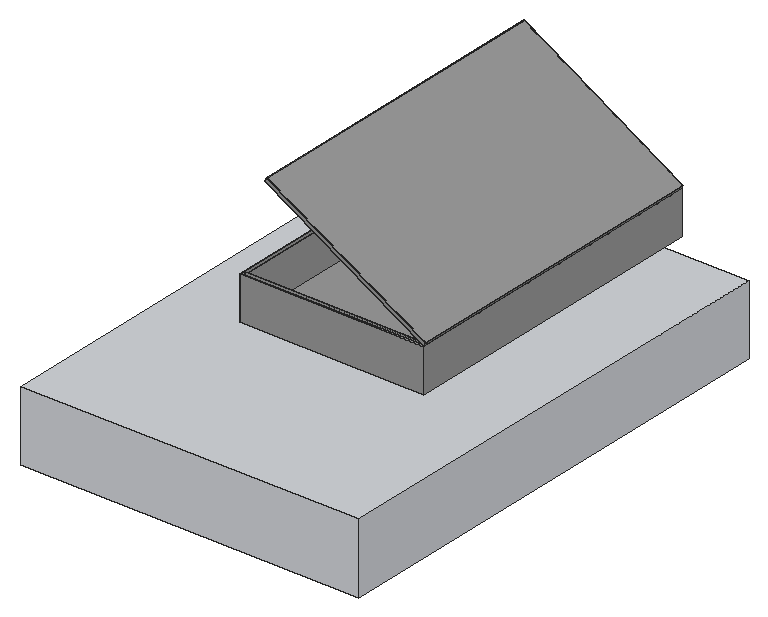
Revit family "Hager-Univers-IP44-D205-H1400-Cl.II-Encl-CH-it", category Equipement électrique, Revit 2020
Family settings
  Hôte = Face
  Configuration du panneau = Deux colonnes, circuits au sein
  Cote de connecteur circulaire = Utiliser le diamètre
  Type d'élément = Tableau de raccordement
  Couper avec des vides une fois chargée = Non
  Partagée = Non
  Point de calcul de pièce = Non
Parameters (values of type "A parete IP44 L800 A1400 P205  - FP93QS")
  Width Control [instance] = if([EF000008 - Larghezza] > Min Width, [EF000008 - Larghezza], Min Width)  # 800 mm
  Commentaires du type = [HG000003 - Gamma]  # "Univers"
  Thickness Door [instance] = if([EF009171 - spessore materiale porta/coperchio] > 3 mm, 3 mm, [EF009171 - spessore materiale porta/coperchio])  # 1 mm
  Seal Frame Offset [instance] = 17 mm  # constant formula
  Plinth Visibility [instance] = [HG000027 - Altezza dello zoccolo] > 0 mm  # no
  Model = ""
  Min Width [instance] = 100 mm  # constant formula
  Min Height [instance] = 100 mm  # constant formula
  Min Depth [instance] = (2 * [EF009170 - spessore materiale scatola]) + 1 mm  # 3 mm
  Internal Frame Depth [instance] = (Door System Depth * 0.5)  # 9 mm
  Height Control [instance] = if([EF000040 - Altezza] > Min Height, [EF000040 - Altezza], Min Height)  # 1400 mm
  HG000027 - Altezza dello zoccolo = 0 mm
  HG000026 - A pavimento = no
  HG000024 - Altezza della sezione inferiore = 800 mm
  HG000023 - Custodia a doppia sezione = no
  HG000016 - Visibilità delle porte nella vista 3D [instance] = yes
  HG000015 - Visibilità attraverso la porta [instance] = no
  HG000014 - Porta destra [instance] = yes
  HG000013 - Porta sinistra [instance] = not([HG000014 - Porta destra])  # no
  HG000012 - Angolo di apertura della porta [instance] = 30.00°
  HG000010 - Porte asimmetriche = no
  HG000009 - Porta doppia a battente = no
  HG000006 - Ad incasso = no
  HG000004 - Codice produttore = "FP93QS"
  HG000003 - Gamma = "Univers"
  HG000002 - Con porta = yes
  Frame Offset Bottom [instance] = 10 mm  # constant formula
  Frame Offset [instance] = 15 mm  # constant formula
  EF015940 - Coprire con rilascio di sovrapressione = no
  EF011959 - tipo di protezione (NEMA) = ""
  EF009554 - numero delle aperture per la piastra della flangia = 6
  Fabricant = "Hager"  # constant formula
  EF009212 - esecuzione coperchio = "EV000116 - chiuso"
  EF009171 - spessore materiale porta/coperchio = 1 mm
  EF009170 - spessore materiale scatola = 1 mm
  EF008873 - corrente nominale (In) = 250 A
  EF007800 - adatto per parafulmine = no
  EF006306 - con serratura = no
  EF006244 - coperchio/porta trasparente = no
  EF005474 - grado di protezione (IP) = "EV006418 - IP44"
  EF004464 - tipo di porta = "EV002646 - singolo"
  EF004427 - numero di moduli = 324
  EF004293 - resistenza agli urti = "EV006815 - IK09"
  EF003532 - adatto per uso esterno = no
  EF002950 - Numero moduli DIN = 36
  EF001613 - Integrità del circuito = "EV000494 - senza"
  EF001596 - Attacco Lampada = "EV000179 - acciaio"
  EF001131 - profondità interna = 143 mm
  EF001088 - possibilità di applicazione = yes
  EF000437 - numero di ingressi per conduttori = 6
  EF000339 - tipo di copertura = "EV001012 - coperchio"
  EF000266 - numero di file = 9
  EF000218 - profondità di incasso = 0 mm
  EF000118 - con piastra di montaggio = no
  EF000116 - numero RAL = "9010"
  EF000049 - profondità = 205 mm
  EF000040 - Altezza = 1400 mm
  EF000008 - Larghezza = 800 mm
  EF000007 - colore = "EV000202 - bianco"
  EF000003 - Tipo di montaggio = "EV000384 - A parete"
  Door System Leaf Tolerance [instance] = 1.5 mm  # constant formula
  Door System Depth [instance] = 18 mm  # constant formula
  Door Height [instance] = Height Control - [HG000027 - Altezza dello zoccolo]  # 1400 mm
  Depth Control [instance] = if([EF000049 - profondità] > Min Depth, [EF000049 - profondità], Min Depth)  # 205 mm
  Default Elevation = 0 mm
  Connector Offset [instance] = Height Control / 2  # 700 mm
  Bottom Top Plate Trim [instance] = 1.5 mm  # constant formula
  Plinth height Ctrl [instance] = if([HG000027 - Altezza dello zoccolo] > 0 mm, [HG000027 - Altezza dello zoccolo], 12 mm)  # 12 mm
Types (5, lengths in mm): name | Width Control | HG000009 - Porta doppia a battente | HG000004 - Codice produttore | EF009554 - numero delle aperture per la piastra della flangia | EF004464 - tipo di porta | EF004427 - numero di moduli | EF002950 - Numero moduli DIN | EF000437 - numero di ingressi per conduttori | EF000008 - Larghezza
  A parete IP44 L1050 A1400 P205  - FP94QS | 1050 | yes | "FP94QS" | 8 | "EV003602 - doppio" | 432 | 48 | 8 | 1050
  A parete IP44 L1300 A1400 P205  - FP95QS | 1300 | yes | "FP95QS" | 10 | "EV003602 - doppio" | 540 | 60 | 10 | 1300
  A parete IP44 L300 A1400 P205  - FP91QS | 300 | no | "FP91QS" | 2 | "EV002646 - singolo" | 108 | 12 | 2 | 300
  A parete IP44 L550 A1400 P205  - FP92QS | 550 | no | "FP92QS" | 4 | "EV002646 - singolo" | 216 | 24 | 4 | 550
  A parete IP44 L800 A1400 P205  - FP93QS | 800 | no | "FP93QS" | 6 | "EV002646 - singolo" | 324 | 36 | 6 | 800
Reference planes
  plane 1 "Center (Front/Back)": y = 0
  plane 2: z = 0
  plane 3 "Center (Left/Right)": x = 0
  plane 4: z = 205
  plane 5: y = 1
  plane 6: y = 700
  plane 7: y = 0
  plane 8: y = 1400
  plane 9: z = 0
  plane 10: x = -385
  plane 11: x = 385
  plane 12: x = 384
  plane 13: x = -384
  plane 14: y = 1399
  plane 15: x = -383
  plane 16: x = -400
  plane 17: x = 383
  plane 18: x = 400
  plane 19: x = 399
  plane 20: x = -399
  plane 21: y = 11
  plane 22: y = 1400
  plane 23: y = 1384
  plane 24: z = 187
  plane 25: z = 1
  plane 26: z = 186
  plane 27: z = 204
Forms (mm)
  Extrusion 1, solid
    sketch origin (0, 0, 0) x (1, 0, 0) y (0, 1, 0)
      loop
        line (-702.964, 1305) -> (-702.964, -811.445) -> (766.763, -811.445) -> (766.763, 1305) -> (-702.964, 1305)
    from 0 to -304.8
  Extrusion 2, solid, material "Hager_Steel_RAL7035_Light_Grey", visible <- "Plinth Visibility", detail levels medium+fine
    sketch origin (0, 0, 0) x (1, 0, 0) y (0, 1, 0)
      loop
        line (-400, 0) -> (400, 0) -> (400, 12) -> (-400, 12) -> (-400, 0)
    from 0 to 187
  Extrusion 3, solid, material "Hager_Steel_RAL7035_Light_Grey", detail levels medium+fine
    sketch origin (0, 0, 0) x (1, 0, 0) y (0, 1, 0)
      loop
        line (-400, 0) -> (400, 0) -> (400, 1400) -> (-400, 1400) -> (-400, 0)
    from 0 to 187
  Extrusion 4, void
    sketch origin (0, 0, 0) x (1, 0, 0) y (0, 1, 0)
      loop
        line (-399, 1) -> (399, 1) -> (399, 1399) -> (-399, 1399) -> (-399, 1)
    from 1 to 186
  Extrusion 5, void
    sketch origin (-381.607, -4572, 187) x (0, -1, 0) y (-1, 0, 0)
      loop
        line (-4583, 2.393) -> (-5956, 2.393) -> (-5956, -765.607) -> (-4583, -765.607) -> (-4583, 2.393)
    from 0 to 1 <- "EF009170 - spessore materiale scatola"
  Extrusion 6, solid, material "Hager_Steel_RAL7035_Light_Grey", detail levels fine
    sketch origin (0, 0, 187) x (1, 0, 0) y (0, 1, 0)
      loop
        line (-384, 1384) -> (-384, 11) -> (384, 11) -> (384, 1384) -> (-384, 1384)
      loop
        line (-385, 10) -> (385, 10) -> (385, 1385) -> (-385, 1385) -> (-385, 10)
    from 0 to 9 <- "Internal Frame Depth"
  Extrusion 7, solid, material "Hager_Steel_RAL7035_Light_Grey", detail levels coarse
    sketch origin (0, 0, 0) x (1, 0, 0) y (0, 1, 0)
      loop
        line (-400, 0) -> (400, 0) -> (400, 1400) -> (-400, 1400) -> (-400, 0)
    from 0 to 205
  Sweep 8, void
    path in 3D
      loop
        line (-400, 12, 0) -> (400, 12, 0) -> (400, 12, 187) -> (-400, 12, 187) -> (-400, 12, 0)
    profile origin (-400, 12, 93.5) x (-1, 0, 0) y (0, -1, 0)
      loop
        line (0, 0) -> (0, 1.5) -> (-1.5, 1.5)
        arc (-1.5, 1.5) -> (-1.061, 0.439) -> (0, 0) r 1.5
Cuts and joins
  Extrusion 4, Extrusion 5 cuts Extrusion 3
  Sweep 8 cuts Extrusion 2
Lines and regions (mm)
  Masking region 1
    outline origin (0, 0, 0) x (1, 0, 0) y (0, 0, 1)
      loop
        line (-400, 205) -> (-400, 0) -> (400, 0) -> (400, 205) -> (-400, 205)
  Masking region 2, detail levels medium+fine
    outline origin (0, 140, 0) x (0, 1, 0) y (0, 0, 1)
      loop
        line (-140, 0) -> (1260, 0) -> (1260, 187) -> (-140, 187) -> (-140, 0)
  Masking region 3, not visible, detail levels medium+fine
    outline origin (0, 297.922, 0) x (0, 1, 0) y (0, 0, 1)
      loop
        line (413.578, 0) -> (453.578, 0) -> (453.578, 194)
        arc (453.578, 194) -> (450.649, 201.071) -> (443.578, 204) r 10
        line (443.578, 204) -> (413.578, 204) -> (413.578, 0)
  Masking region 4, detail levels coarse
    outline origin (0, 0, 180) x (0, 1, 0) y (0, 0, 1)
      loop
        line (0, -180) -> (1400, -180) -> (1400, 25) -> (0, 25) -> (0, -180)
  Masking region 5, visible <- "Plinth Visibility", detail levels medium+fine
    outline origin (0, 52.24, 12.345) x (0, 0, -1) y (0, 1, 0)
      loop
        line (10.845, -40.24) -> (-173.155, -40.24)
        arc (-173.155, -40.24) -> (-173.594, -41.301) -> (-174.655, -41.74) r 1.5
        line (-174.655, -41.74) -> (-174.655, -52.24) -> (12.345, -52.24) -> (12.345, -41.74)
        arc (12.345, -41.74) -> (11.285, -41.301) -> (10.845, -40.24) r 1.5
  Masking region 6, detail levels medium+fine
    outline origin (-381.607, -4572, 187) x (-1, 0, 0) y (0, -1, 0)
      loop
        line (18.393, -5972) -> (18.393, -4572) -> (-781.607, -4572) -> (-781.607, -5972) -> (18.393, -5972)
  Masking region 7, visible <- "Plinth Visibility", detail levels medium+fine
    outline origin (-381.607, -4727, 187) x (-1, 0, 0) y (0, -1, 0)
      loop
        arc (16.893, -4739) -> (17.332, -4737.939) -> (18.393, -4737.5) r 1.5
        line (18.393, -4737.5) -> (18.393, -4727) -> (-781.607, -4727) -> (-781.607, -4737.5)
        arc (-781.607, -4737.5) -> (-780.546, -4737.939) -> (-780.107, -4739) r 1.5
        line (-780.107, -4739) -> (16.893, -4739)
  Masking region 8, detail levels coarse
    outline origin (-442.548, -4669.526, 187) x (-1, 0, 0) y (0, -1, 0)
      loop
        line (-42.548, -6069.526) -> (-42.548, -4669.526) -> (-842.548, -4669.526) -> (-842.548, -6069.526) -> (-42.548, -6069.526)
  sketch lines
    curve 1: line (-400, 12, 187) -> (-400, 12, 0)
    curve 2: line (400, 12, 187) -> (-400, 12, 187)
    curve 3: line (400, 12, 187) -> (400, 12, 0)
    curve 4: line (-400, 12, 0) -> (400, 12, 0)
Dimensions and locks
  "Depth Control": plane 4 to Extrusion 1
  "HG000027 - Altezza dello zoccolo": plane 1 "Center (Front/Back)" to plane 7
  "EF009170 - spessore materiale scatola": plane 5 to plane 7
  locked: connector elem to plane 3 "Center (Left/Right)"
  equal spacing: plane 8, plane 6, plane 7
  locked: connector elem to plane 6
  "EF009170 - spessore materiale scatola": plane 8 to plane 14
  "EF009170 - spessore materiale scatola": plane 10 to plane 13
  "EF009170 - spessore materiale scatola": plane 12 to plane 11
  "Frame Offset": plane 20 to plane 13
  "Frame Offset": plane 12 to plane 19
  "EF009170 - spessore materiale scatola": plane 16 to plane 20
  "EF009170 - spessore materiale scatola": plane 19 to plane 18
  "Seal Frame Offset": plane 16 to plane 15
  "Seal Frame Offset": plane 17 to plane 18
  "Frame Offset Bottom": plane 21 to plane 5
  "Frame Offset": plane 14 to plane 23
  equal spacing: plane 16, plane 3 "Center (Left/Right)", plane 18
  "Width Control": plane 16 to plane 18
  "EF009170 - spessore materiale scatola": plane 4 to plane 27
  "EF009170 - spessore materiale scatola": plane 24 to plane 26
  "EF009170 - spessore materiale scatola": plane 25 to level
  "Door System Depth": plane 4 to plane 24
  "Height Control": plane 1 "Center (Front/Back)" to Extrusion 7 sketch curve
  "Height Control": Masking region 4 sketch curve to plane 1 "Center (Front/Back)"
  "Height Control": plane 1 "Center (Front/Back)" to plane 22
  "Bottom Top Plate Trim": profile plane to Sweep 8 sketch curve
  "Bottom Top Plate Trim": Sweep 8 sketch curve to profile plane
  "Plinth height Ctrl": plane 1 "Center (Front/Back)" to Extrusion 2 sketch curve
  "Plinth height Ctrl": Masking region 5 sketch curve to plane 1 "Center (Front/Back)"
  "Plinth height Ctrl": plane 1 "Center (Front/Back)" to Masking region 7 sketch curve
  "Thickness Door": Extrusion 6 sketch curve to Extrusion 6 sketch curve  (x3)
  "Thickness Door": cut or joined group of Extrusion 3, Extrusion 4, Extrusion 5 to Extrusion 6 sketch curve
  radius of Masking region 3 sketch curve = 10 mm
  "Bottom Top Plate Trim": radius of Masking region 5 sketch curve  (x2)
  "Bottom Top Plate Trim": radius of Sweep 8 sketch curve
  "Bottom Top Plate Trim": radius of Masking region 7 sketch curve  (x2)
  aligned and locked: plane 2 to Extrusion 1
  aligned and locked: level to Extrusion 1
  aligned and locked: level to Masking region 1 sketch curve
  aligned and locked: Masking region 1 sketch curve to plane 18
  aligned and locked: Masking region 1 sketch curve to plane 16
  aligned and locked: plane 7 to Masking region 2 sketch curve
  aligned and locked: level to Masking region 3 sketch curve
  aligned and locked: Masking region 3 sketch curve to plane 27
  aligned and locked: level to Masking region 2 sketch curve
  aligned and locked: plane 1 "Center (Front/Back)" to Extrusion 2 sketch curve
  aligned and locked: Extrusion 3 sketch curve to plane 7
  aligned and locked: plane 16 to Extrusion 3 sketch curve
  aligned and locked: plane 18 to Extrusion 3 sketch curve
  aligned and locked: plane 20 to Extrusion 4 sketch curve
  aligned and locked: plane 19 to Extrusion 4 sketch curve
  aligned and locked: Extrusion 4 sketch curve to plane 5
  aligned and locked: Extrusion 4 to plane 25
  aligned and locked: plane 26 to Extrusion 4
  aligned and locked: plane 24 to Extrusion 3
  aligned and locked: Extrusion 5 sketch curve to plane 21
  aligned and locked: Extrusion 5 sketch curve to plane 13
  aligned and locked: Extrusion 5 sketch curve to plane 12
  aligned and locked: plane 18 to Extrusion 7 sketch curve
  aligned and locked: plane 1 "Center (Front/Back)" to Extrusion 7 sketch curve
  aligned and locked: plane 16 to Extrusion 7 sketch curve
  aligned and locked: plane 4 to Extrusion 7
  aligned and locked: Extrusion 7 to level
  aligned and locked: level to Masking region 4 sketch curve
  aligned and locked: Masking region 4 sketch curve to plane 1 "Center (Front/Back)"
  aligned and locked: Masking region 4 sketch curve to plane 4
  aligned and locked: nested 1 to level
  aligned and locked: nested 1 to plane 16
  aligned and locked: plane 8 to Extrusion 3 sketch curve
  aligned and locked: plane 23 to Extrusion 5 sketch curve
  aligned and locked: plane 14 to Extrusion 4 sketch curve
  aligned and locked: Masking region 2 sketch curve to plane 8
  aligned and locked: level to Masking region 5 sketch curve
  aligned and locked: plane 16 to Extrusion 2 sketch curve
  aligned and locked: plane 18 to Extrusion 2 sketch curve
  aligned and locked: Masking region 5 sketch curve to plane 24
  aligned and locked: Masking region 2 sketch curve to plane 24
  aligned and locked: plane 24 to Extrusion 2
  aligned and locked: profile plane to Sweep 8 sketch curve  (x2)
  aligned and locked: Masking region 6 sketch curve to plane 18
  aligned and locked: Masking region 6 sketch curve to plane 22
  aligned and locked: Masking region 6 sketch curve to plane 16
  aligned and locked: plane 8 to plane 22
  aligned and locked: Masking region 6 sketch curve to plane 7
  aligned and locked: Masking region 7 sketch curve to plane 16
  aligned and locked: Masking region 7 sketch curve to plane 1 "Center (Front/Back)"
  aligned and locked: Masking region 7 sketch curve to plane 18
  aligned and locked: Masking region 8 sketch curve to plane 1 "Center (Front/Back)"
  aligned and locked: Masking region 8 sketch curve to plane 18
  aligned and locked: Masking region 8 sketch curve to plane 22
  aligned and locked: Masking region 8 sketch curve to plane 16
  aligned and locked: nested 2 to plane 7
  aligned and locked: plane 3 "Center (Left/Right)" to nested 2
  aligned and locked: nested 2 to plane 24
  aligned and locked: Extrusion 6 sketch curve to cut or joined group of Extrusion 3, Extrusion 4, Extrusion 5  (x4)
Automatic sketch dimensions
  Extrusion 1 sketch curve to Extrusion 1 sketch curve = 1469.727 mm
  Extrusion 1 sketch curve to Extrusion 1 sketch curve = 2116.445 mm
  Masking region 1 sketch curve to plane 4 = 0 mm
  plane 6 to Masking region 3 sketch curve = 11.5 mm
  Masking region 3 sketch curve to Masking region 3 sketch curve = 30 mm
  Masking region 5 sketch curve to plane 1 "Center (Front/Back)" = 0 mm
Nested families
  nested 1: "Hager_Enclosure_Symbol" at (-400, 0, 0) x (1, 0, 0) z (0, -1, 0), Height <- "Depth Control", Width <- "Width Control", type "Hager_Enclosure_Symbol"
    with Width_Ctrl 800 mm, Width 800 mm, Height_Ctrl 205 mm, Height 205 mm, A_Width_Int 13.453 mm, A_Width 161.438 mm, A_Height_Ctrl 179.375 mm, A_Height 179.375 mm
  nested 2: "EC000058_Univers_Door" at (0, 0, 187) x (1, 0, 0) z (0, 1, 0), Leaf_Tolerance <- "Door System Leaf Tolerance", Angle <- "HG000012 - Angolo di apertura della porta", Door_Depth <- "Door System Depth", Door_Left <- "HG000013 - Porta sinistra", Transparent <- "EF006244 - coperchio/porta trasparente", Assymetrical <- "HG000010 - Porte asimmetriche", Width <- "Width Control", Clearance <- "HG000015 - Visibilità attraverso la porta", Double <- "HG000009 - Porta doppia a battente", 3d_Door <- "HG000016 - Visibilità delle porte nella vista 3D", Lock_Visibility <- "EF006306 - con serratura", Width_Ctrl <- "Width Control", Door_Right <- "HG000014 - Porta destra", Door <- "HG000002 - Con porta", Height <- "Door Height", Thickness <- "Thickness Door", type "EC000058_Univers_Door", detail levels medium+fine
    with min_wh 3 mm, Width_Ctrl 800 mm, Width 800 mm, Transparent no, Thickness 1 mm, Seal_Material Hager_Rubber, Lock_Visibility no, Lock_Material Hager_Plastic_RAL9005_Jet_Black, Leaf_Width 800 mm, Leaf_Tolerance_External_Sides 0 mm, Leaf_Tolerance 1.5 mm, Leaf_Offset 0 mm, Leaf_Height 1397 mm, Leaf_2_Width 800 mm, Leaf_2_Offset 400 mm, Leaf_1_Width 800 mm, Leaf_1_Offset 400 mm, Height_Ctrl 1400 mm, Height 1400 mm, Glass_Material Hager_Glass, Double_Clearance_Ctrl no, Double no, Door_Right_Ctrl yes, Door_Right yes, Door_Material Hager_Steel_RAL7035_Light_Grey, Door_Left_Ctrl no, Door_Left no, Door_Depth 18 mm, Door yes, Clearance_Material Hager_Clearance, Clearance_Depth 800 mm, Clearance_Ctrl no, Clearance no, Assymetrical no, Angle 30.00°, 3d_Door yes
Connectors
  electrical at (0, 700, 0)
    settings: on plane 9, index 1, voltage 0 V, apparent load 0 VA, apparent load phase1 0 VA, apparent load phase2 0 VA, apparent load phase3 0 VA, power factor 1, load classification "Other", number of poles 1, system type 30, power factor state 1, is connector primary yes, connector utility no, sub classification motor no, connector description ""
Definition of nested family "EC000058_Univers_Door"
  Parameters (values of type "EC000058_Univers_Door")
    min_wh [instance] = (2 * Thickness) + 1 mm  # 11 mm
    Width_Ctrl [instance] = 400 mm
    Width [instance] = 500 mm
    Transparent [instance] = yes
    Thickness [instance] = 5 mm
    Seal_Material [instance] = none
    Lock_Visibility [instance] = yes
    Lock_Material [instance] = none
    Leaf_Width [instance] = if((Width_Ctrl - 2 * Leaf_Tolerance_External_Sides) > 0 mm, (Width_Ctrl - 2 * Leaf_Tolerance_External_Sides), min_wh)  # 400 mm
    Leaf_Tolerance_External_Sides [instance] = 0 mm  # constant formula
    Leaf_Tolerance [instance] = 1.5 mm
    Leaf_Offset [instance] = 0 mm  # constant formula
    Leaf_Height [instance] = if((Height_Ctrl - 2 * Leaf_Tolerance) > 0 mm, (Height_Ctrl - 2 * Leaf_Tolerance), min_wh)  # 497 mm
    Leaf_2_Width [instance] = if(and(and(Double, Assymetrical), Door_Left), (Leaf_Width / 3) - (Leaf_Tolerance / 2), if(and(and(Double, Assymetrical), Door_Right), (Leaf_Width / 3) * 2 - (Leaf_Tolerance / 2), if(and(Double, not(Assymetrical)), (Leaf_Width / 2) - Leaf_Tolerance, Leaf_Width)))  # 400 mm
    Leaf_2_Offset [instance] = if(and(Double, Assymetrical), Leaf_2_Width / 2, if(and(Double, not(Assymetrical)), Leaf_Width / 4, Leaf_Width / 2))  # 200 mm
    Leaf_1_Width [instance] = if(and(and(Double, Assymetrical), Door_Right), (Leaf_Width / 3) - (Leaf_Tolerance / 2), if(and(and(Double, Assymetrical), Door_Left), (Width / 3) * 2 - (Leaf_Tolerance / 2), if(and(Double, not(Assymetrical)), (Leaf_Width / 2) - Leaf_Tolerance, Leaf_Width)))  # 400 mm
    Leaf_1_Offset [instance] = if(and(Double, Assymetrical), Leaf_1_Width / 2, if(and(Double, not(Assymetrical)), Leaf_Width / 4, Leaf_Width / 2))  # 200 mm
    Height_Ctrl [instance] = if(Height > min_wh, Height, min_wh)  # 500 mm
    Height [instance] = 500 mm
    Glass_Material [instance] = none
    Double_Clearance_Ctrl [instance] = and(Double, Clearance)  # no
    Double [instance] = no
    Door_Right_Ctrl [instance] = and(or(Door_Right, Double), Door)  # yes
    Door_Right [instance] = yes
    Door_Material [instance] = none
    Door_Left_Ctrl [instance] = and(or(Door_Left, Double), Door)  # no
    Door_Left [instance] = no
    Door_Depth [instance] = 30 mm
    Door [instance] = yes
    Default Elevation = 1219.2 mm
    Clearance_Material [instance] = none
    Clearance_Depth [instance] = if(Leaf_1_Width > Leaf_2_Width, Leaf_1_Width, Leaf_2_Width)  # 400 mm
    Clearance_Ctrl [instance] = and(not(Double), Clearance)  # yes
    Clearance [instance] = yes
    Assymetrical [instance] = yes
    Angle [instance] = 30.00°
    3d_Door [instance] = yes
  Reference planes
    plane 1 "Center (Front/Back)": y = 0
    plane 2 "Bottom": z = 0
    plane 3 "Center (Left/Right)": x = 0
    plane 4: z = 500
    plane 5: x = -200
    plane 6: x = 200
    plane 7: z = 500
    plane 8: x = -200
    plane 9: z = 0
    plane 10: x = 200
    plane 11: y = 0
    plane 12: z = 1.5
    plane 13: x = -600
    plane 14: y = -400
    plane 15: x = 600
    plane 16: x = 0
    plane 17: x = 0
    plane 18: x = -200
    plane 19: x = 200
    plane 20: z = 498.5
  Forms (mm)
    Extrusion 1, solid, material <- "Clearance_Material", visible <- "Double_Clearance_Ctrl"
      sketch origin (1200, 0, 0) x (1, 0, 0) y (0, 0, -1)
        loop
          line (-1800, -498.5) -> (-600, -498.5) -> (-600, 0) -> (-1800, 0) -> (-1800, -498.5)
      from 0 to -400
  Dimensions and locks
    equal spacing: plane 5, plane 3 "Center (Left/Right)", plane 6
    "Width_Ctrl": plane 5 to plane 6
    "Leaf_Offset": plane 5 to plane 8
    "Leaf_Offset": plane 6 to plane 10
    "Leaf_Offset": plane 9 to level
    "Leaf_Offset": plane 4 to plane 7
    "Height_Ctrl": plane 4 to level
    "Leaf_Tolerance": plane 12 to plane 9
    locked: plane 11 to plane 1 "Center (Front/Back)"
    "Leaf_1_Offset": plane 18 to plane 16
    "Leaf_2_Offset": plane 17 to plane 19
    "Leaf_1_Width": plane 13 to plane 8
    "Leaf_2_Width": plane 10 to plane 15
    "Clearance_Depth": plane 14 to plane 1 "Center (Front/Back)"
    "Leaf_Tolerance_External_Sides": plane 8 to plane 18
    "Leaf_Tolerance_External_Sides": plane 19 to plane 10
    "Leaf_Tolerance": plane 7 to plane 20
    aligned and locked: level to plane 2 "Bottom"
    aligned and locked: nested 1 to plane 16
    aligned and locked: nested 2 to plane 17
    aligned and locked: Extrusion 1 to plane 13
    aligned and locked: plane 15 to Extrusion 1
    aligned and locked: Extrusion 1 to plane 14
    aligned and locked: plane 12 to nested 1
    aligned and locked: nested 2 to plane 12
    aligned and locked: Extrusion 1 to plane 11
    aligned and locked: plane 20 to Extrusion 1
    aligned and locked: nested 2 to plane 11
    aligned and locked: nested 1 to plane 11
  Automatic sketch dimensions
    Extrusion 1 sketch curve to level = 0 mm
    plane 5 to Extrusion 1 sketch curve = 400 mm
    plane 6 to Extrusion 1 sketch curve = 400 mm
    Extrusion 1 sketch curve to plane 4 = 1.5 mm
  Nested families
    nested 1: "EC000058_Univers_Door_Leaf" at (0, 0, 1.5), Width <- "Leaf_1_Width", visible <- "Door_Left_Ctrl", Leaf_Height <- "Leaf_Height", Angle <- "Angle", 3d_Door <- "3d_Door", Transparent <- "Transparent", Clearance Material <- "Clearance_Material", Clearance <- "Clearance_Ctrl", Door_Material <- "Door_Material", Glass_Material <- "Glass_Material", Door_Depth <- "Door_Depth", Lock_Material <- "Lock_Material", Seal_Material <- "Seal_Material", Lock_Visibility <- "Lock_Visibility", Thickness <- "Thickness", type "EC000058_Univers_Door_Leaf"
      with Width 400 mm, Transparent_Glass_Offset 30 mm, Transparent_Ctrl yes, Transparent yes, Thickness 5 mm, Standard no, Seal_Material none, Seal_D2 8 mm, Seal_D1 1 mm, Offset_Internal_Frame 10 mm, Lock_Width 20 mm, Lock_Visibility_3d yes, Lock_Visibility yes, Lock_Thickness_3 3 mm, Lock_Thickness_2 1 mm, Lock_Thickness_1 3 mm, Lock_Radius_Offset_2 16 mm, Lock_Radius_Offset_1 15 mm, Lock_Radius_2 5 mm, Lock_Radius 6 mm, Lock_Offset 5 mm, Lock_Material none, Lock_Height 80 mm, Lock_Cover_Top_Offset_2d 17 mm, Lock_Cover_Height -65 mm, Leaf_Height 497 mm, Internal_Seal_Thickness 8 mm, Internal_Seal_Depth_2 4.5 mm, Internal_Frame_Depth 25 mm, Glass_Thickness -1 mm, Glass_Offset -2 mm, Glass_Material none, Door_Material none, Door_Depth 30 mm, Clearance Material none, Clearance yes, Angle_Ctrl 30.00°, Angle 30.00°, 3d_Door yes
    nested 2: "EC000058_Univers_Door_Leaf" at (0, 0, 1.5) x (-1, 0, 0) z (0, 0, 1), Width <- "Leaf_2_Width", visible <- "Door_Right_Ctrl", Leaf_Height <- "Leaf_Height", Angle <- "Angle", 3d_Door <- "3d_Door", Transparent <- "Transparent", Clearance Material <- "Clearance_Material", Clearance <- "Clearance_Ctrl", Door_Material <- "Door_Material", Glass_Material <- "Glass_Material", Door_Depth <- "Door_Depth", Lock_Material <- "Lock_Material", Seal_Material <- "Seal_Material", Lock_Visibility <- "Lock_Visibility", Thickness <- "Thickness", type "EC000058_Univers_Door_Leaf"
      with Width 400 mm, Transparent_Glass_Offset 30 mm, Transparent_Ctrl yes, Transparent yes, Thickness 5 mm, Standard no, Seal_Material none, Seal_D2 8 mm, Seal_D1 1 mm, Offset_Internal_Frame 10 mm, Lock_Width 20 mm, Lock_Visibility_3d yes, Lock_Visibility yes, Lock_Thickness_3 3 mm, Lock_Thickness_2 1 mm, Lock_Thickness_1 3 mm, Lock_Radius_Offset_2 16 mm, Lock_Radius_Offset_1 15 mm, Lock_Radius_2 5 mm, Lock_Radius 6 mm, Lock_Offset 5 mm, Lock_Material none, Lock_Height 80 mm, Lock_Cover_Top_Offset_2d 17 mm, Lock_Cover_Height -65 mm, Leaf_Height 497 mm, Internal_Seal_Thickness 8 mm, Internal_Seal_Depth_2 4.5 mm, Internal_Frame_Depth 25 mm, Glass_Thickness -1 mm, Glass_Offset -2 mm, Glass_Material none, Door_Material none, Door_Depth 30 mm, Clearance Material none, Clearance yes, Angle_Ctrl 30.00°, Angle 30.00°, 3d_Door yes
  Definition of nested family "EC000058_Univers_Door_Leaf"
    Parameters (values of type "EC000058_Univers_Door_Leaf")
      Width [instance] = 2000 mm
      Transparent_Glass_Offset [instance] = 30 mm
      Transparent_Ctrl [instance] = and(Transparent, [3d_Door])  # yes
      Transparent [instance] = yes
      Thickness [instance] = 5 mm
      Standard [instance] = and(not(Transparent), [3d_Door])  # no
      Seal_Material [instance] = none
      Seal_D2 [instance] = 8 mm  # constant formula
      Seal_D1 [instance] = 1 mm  # constant formula
      Offset_Internal_Frame [instance] = 10 mm  # constant formula
      Lock_Width [instance] = 20 mm  # constant formula
      Lock_Visibility_3d [instance] = and(Lock_Visibility, [3d_Door])  # yes
      Lock_Visibility [instance] = yes
      Lock_Thickness_3 [instance] = 3 mm  # constant formula
      Lock_Thickness_2 [instance] = 1 mm  # constant formula
      Lock_Thickness_1 [instance] = 3 mm  # constant formula
      Lock_Radius_Offset_2 [instance] = Lock_Radius_Offset_1 + 1 mm  # 16 mm
      Lock_Radius_Offset_1 [instance] = 15 mm  # constant formula
      Lock_Radius_2 [instance] = Lock_Radius - 1 mm  # 5 mm
      Lock_Radius [instance] = 6 mm  # constant formula
      Lock_Offset [instance] = 5 mm  # constant formula
      Lock_Material [instance] = none
      Lock_Height [instance] = 80 mm  # constant formula
      Lock_Cover_Top_Offset_2d [instance] = Lock_Radius_Offset_2 + 1 mm  # 17 mm
      Lock_Cover_Height [instance] = -(Lock_Height - Lock_Radius_Offset_1)  # -65 mm
      Leaf_Height [instance] = 2720.336 mm
      Internal_Seal_Thickness [instance] = 8 mm  # constant formula
      Internal_Seal_Depth_2 [instance] = 4.5 mm  # constant formula
      Internal_Frame_Depth [instance] = if(Door_Depth - Thickness > 5 mm, Door_Depth - Thickness, 5 mm)  # 25 mm
      Glass_Thickness [instance] = if(Thickness > 15 mm, Glass_Offset + 10 mm, -1 mm)  # -1 mm
      Glass_Offset [instance] = if(Thickness > 15 mm, -(Thickness + 10 mm) / 2, -2 mm)  # -2 mm
      Glass_Material [instance] = none
      Door_Material [instance] = none
      Door_Depth [instance] = 30 mm
      Default Elevation = 0 mm
      Clearance Material [instance] = none
      Clearance [instance] = yes
      Angle_Ctrl [instance] = if(Angle > 180.00°, 180.00°, Angle)  # 90.00°
      Angle [instance] = 90.00°
      3d_Door [instance] = yes
    Reference planes
      plane 1 "Center (Front/Back)": y = 0
      plane 2: z = 0
      plane 3 "Center (Left/Right)": x = 0
      plane 4: y = 2000
      plane 5: x = -1000
      plane 6: x = 1000
      plane 7: x = -3000
      plane 8: z = 2720.336
      plane 9: z = 30
      plane 10: z = 2690.336
      plane 11: x = 970
      plane 12: x = -970
      plane 13: y = -3
      plane 14: z = 107.833
      plane 15: y = -5
      plane 16: y = -223.314
      plane 17: x = -1000
      plane 18: z = 1360.168
      plane 19: y = 30
    Forms (mm)
      Extrusion 1, solid, material <- "Clearance Material", visible <- "Clearance"
        sketch origin (0, 0, 0) x (1, 0, 0) y (0, 0, 1)
          loop
            line (-3000, 2720.336) -> (-3000, 0) -> (1000, 0) -> (1000, 2720.336) -> (-3000, 2720.336)
        from 0 to -2000
      Extrusion 2, solid, material <- "Door_Material", visible <- "Standard", detail levels medium+fine
        sketch origin (-1000, 0, 0) x (0, 1, 0) y (-1, 0, 0)
          loop
            line (0, 30) -> (0, 25) -> (2000, 25) -> (2000, 30) -> (0, 30)
        from 0 to 2720.336 <- "Leaf_Height"
      Extrusion 3, solid, material <- "Door_Material", visible <- "Transparent_Ctrl", detail levels medium+fine
        sketch origin (-1000, 0, 0) x (0, 1, 0) y (-1, 0, 0)
          loop
            line (0, 25) -> (2000, 25) -> (2000, 30) -> (0, 30) -> (0, 25)
        from 0 to 2720.336 <- "Leaf_Height"
      Extrusion 4, void
        sketch origin (-1025, 2000, 0) x (0, 1, 0) y (0, 0, -1)
          loop
            line (-30, -2690.336) -> (-30, -30) -> (-1970, -30) -> (-1970, -2690.336) -> (-30, -2690.336)
        from 0 to 5 <- "Thickness"
      Sweep 5, solid, material <- "Seal_Material", visible <- "Transparent_Ctrl", detail levels fine
        path in 3D
          loop
            line (-1025, 30, 30) -> (-1025, 30, 2690.336) -> (-1025, 1970, 2690.336) -> (-1025, 1970, 30) -> (-1025, 30, 30)
        profile origin (-1025, 1000, 30) x (1, 0, 0) y (0, 0, 1)
          loop
            line (0, 0) -> (0, -8) -> (1, -8) -> (1, 0) -> (0, 0)
      Extrusion 6, solid, material <- "Glass_Material", visible <- "Transparent_Ctrl", detail levels medium+fine
        sketch origin (-1030, 0, 0) x (0, 1, 0) y (0, 0, -1)
          loop
            line (1970, -2690.336) -> (1970, -30) -> (30, -30) -> (30, -2690.336) -> (1970, -2690.336)
        from -2 <- "Glass_Offset" to -1 <- "Glass_Thickness"
      Extrusion 7, solid, material <- "Door_Material", visible <- "3d_Door", detail levels medium+fine
        sketch origin (-1025, 2000, 0) x (0, -1, 0) y (0, 0, -1)
          loop
            line (0, -2720.336) -> (2000, -2720.336) -> (2000, 0) -> (0, 0) -> (0, -2720.336)
          loop
            line (1995, -5) -> (5, -5) -> (5, -2715.336) -> (1995, -2715.336) -> (1995, -5)
        from 0 to 25 <- "Internal_Frame_Depth"
      Sweep 8, solid, material <- "Seal_Material", visible <- "Transparent_Ctrl", detail levels fine
        path in 3D
          loop
            line (-1025, 0, 0) -> (-1025, 2000, 0) -> (-1025, 2000, 2720.336) -> (-1025, 0, 2720.336) -> (-1025, 0, 0)
        profile origin (-1025, 0, 1360.168) x (1, 0, 0) y (0, 1, 0)
          loop
            line (0, 10) -> (2.975, 10)
            arc (2.975, 10) -> (4.053, 10.447) -> (4.5, 11.525) r 1.525
            line (4.5, 11.525) -> (4.5, 16.527)
            arc (4.5, 16.527) -> (4.069, 17.569) -> (3.027, 18) r 1.473
            line (3.027, 18) -> (0, 18) -> (0, 10)
      Extrusion 9, solid, material <- "Lock_Material", visible <- "Lock_Visibility_3d", detail levels fine
        sketch origin (-1030, 0, 0) x (0, 1, 0) y (0, 0, -1)
          loop
            arc (1993.5, -1400.168) -> (1994.561, -1399.729) -> (1995, -1398.668) r 1.5
            line (1995, -1398.668) -> (1995, -1320.168) -> (1975, -1320.168) -> (1975, -1398.668)
            arc (1975, -1398.668) -> (1975.439, -1399.729) -> (1976.5, -1400.168) r 1.5
            line (1976.5, -1400.168) -> (1993.5, -1400.168)
        from 3 <- "Lock_Thickness_1" to 0
      Blend 10, solid, material <- "Lock_Material", visible <- "Lock_Visibility_3d", detail levels fine
        base sketch origin (-1033, 0, 0) x (0, 1, 0) y (0, 0, -1)
          loop
            line (1975, -1320.168) -> (1975, -1398.668)
            arc (1975, -1398.668) -> (1975.439, -1399.729) -> (1976.5, -1400.168) r 1.5
            line (1976.5, -1400.168) -> (1993.5, -1400.168)
            arc (1993.5, -1400.168) -> (1994.561, -1399.729) -> (1995, -1398.668) r 1.5
            line (1995, -1398.668) -> (1995, -1320.168) -> (1975, -1320.168)
        top sketch origin (-1033, 0, 0) x (0, 1, 0) y (0, 0, -1)
          loop
            line (1976, -1320.168) -> (1976, -1398.668)
            arc (1976, -1398.668) -> (1976.146, -1399.022) -> (1976.5, -1399.168) r 0.5
            line (1976.5, -1399.168) -> (1993.5, -1399.168)
            arc (1993.5, -1399.168) -> (1993.854, -1399.022) -> (1994, -1398.668) r 0.5
            line (1994, -1398.668) -> (1994, -1320.168) -> (1976, -1320.168)
        from 0 to 1 <- "Lock_Thickness_2"
      Blend 11, solid, material <- "Lock_Material", visible <- "Lock_Visibility_3d", detail levels fine
        base sketch origin (-1034, 0, 0) x (0, 1, 0) y (0, 0, -1)
          loop
            line (1978, -1320.168) -> (1978, -1384.168)
            arc (1978, -1384.168) -> (1985, -1391.168) -> (1992, -1384.168) r 7
            line (1992, -1384.168) -> (1992, -1320.168) -> (1978, -1320.168)
        top sketch origin (-1034, 0, 0) x (0, 1, 0) y (0, 0, -1)
          loop
            line (1991, -1320.168) -> (1979, -1320.168) -> (1979, -1383.168)
            arc (1979, -1383.168) -> (1985, -1389.168) -> (1991, -1383.168) r 6
            line (1991, -1383.168) -> (1991, -1320.168)
        from 0 to 3 <- "Lock_Thickness_3"
      Extrusion 12, solid, material <- "Lock_Material", visible <- "Lock_Visibility_3d", detail levels fine
        sketch origin (-1030, 1975, 1320.168) x (1, 0, 0) y (0, -1, 0)
          loop
            line (-7, -19) -> (-7, -1) -> (0, -1) -> (0, 0) -> (-8, 0) -> (-8, -20) -> (0, -20) -> (0, -19) -> (-7, -19)
        from 0 to -65 <- "Lock_Cover_Height"
      Extrusion 13, void
        sketch origin (-1038, 1995, 1320.168) x (-1, 0, 0) y (0, 0, -1)
          loop
            line (-5, -65) -> (0, -65) -> (-5, -60) -> (-5, -65)
        from 0 to 20 <- "Lock_Width"
      Extrusion 14, void
        sketch origin (-1038, 1975, 1320.168) x (0, -1, 0) y (0, 0, -1)
          loop
            circle (-10, -15.995) r 6
          loop
            circle (-10, -15.995) r 5
        from 0 to 2
      Extrusion 15, solid, material <- "Lock_Material", visible <- "Lock_Visibility_3d", detail levels medium
        sketch origin (-1030, 0, 0) x (0, 1, 0) y (0, 0, -1)
          loop
            arc (1993.5, -1400.168) -> (1994.561, -1399.729) -> (1995, -1398.668) r 1.5
            line (1995, -1398.668) -> (1995, -1320.168) -> (1975, -1320.168) -> (1975, -1398.668)
            arc (1975, -1398.668) -> (1975.439, -1399.729) -> (1976.5, -1400.168) r 1.5
            line (1976.5, -1400.168) -> (1993.5, -1400.168)
        from 8 to 0
    Cuts and joins
      Extrusion 4 cuts Extrusion 3
      Extrusion 13, Extrusion 14 cuts Extrusion 9
      Extrusion 14 cuts Blend 11
      Extrusion 13, Extrusion 14 cuts Extrusion 12
      joined: Extrusion 9, Blend 10, Blend 11, Extrusion 12
      Extrusion 14 cuts Extrusion 15
    Lines and regions (mm)
      Masking region 1, visible <- "Lock_Visibility", detail levels fine
        outline origin (0, 0, 0) x (0, 1, 0) y (0, 0, 1)
          loop
            line (30, 1320.168) -> (33, 1320.168) -> (33, 1400.168) -> (30, 1400.168) -> (30, 1320.168)
      Masking region 2, visible <- "Lock_Visibility", detail levels fine
        outline origin (0, 3.143, 0) x (0, 1, 0) y (0, 0, 1)
          loop
            line (29.857, 1354.168) -> (30.857, 1354.168) -> (30.857, 1366.168) -> (29.857, 1366.168) -> (29.857, 1354.168)
      Masking region 3, detail levels medium+fine
        outline origin (0, 0, 0) x (0, 1, 0) y (0, 0, 1)
          loop
            line (0, 0) -> (30, 0) -> (30, 2720.336) -> (0, 2720.336) -> (0, 0)
      Masking region 4, detail levels medium+fine
        outline origin (0, 0, 0) x (1, 0, 0) y (0, 0, 1)
          loop
            line (-1000, 2720.336) -> (-1000, 0) -> (1000, 0) -> (1000, 2720.336) -> (-1000, 2720.336)
      Masking region 5, visible <- "Lock_Visibility", detail levels fine
        outline origin (-47.116, 0, 0) x (1, 0, 0) y (0, 0, 1)
          loop
            arc (1024.616, 1399.168) -> (1023.556, 1398.729) -> (1023.116, 1397.668) r 1.5
            line (1023.116, 1397.668) -> (1023.116, 1320.168) -> (1041.116, 1320.168) -> (1041.116, 1397.668)
            arc (1041.116, 1397.668) -> (1040.677, 1398.729) -> (1039.616, 1399.168) r 1.5
            line (1039.616, 1399.168) -> (1024.616, 1399.168)
      Masking region 6, visible <- "Lock_Visibility", detail levels medium+fine
        outline origin (-25, 0, 0) x (1, 0, 0) y (0, 0, 1)
          loop
            arc (1001.5, 1400.168) -> (1000.439, 1399.729) -> (1000, 1398.668) r 1.5
            line (1000, 1398.668) -> (1000, 1320.168) -> (1020, 1320.168) -> (1020, 1398.668)
            arc (1020, 1398.668) -> (1019.561, 1399.729) -> (1018.5, 1400.168) r 1.5
            line (1018.5, 1400.168) -> (1001.5, 1400.168)
      Masking region 7, visible <- "Lock_Visibility", detail levels fine
        outline origin (-73.735, 0, 0) x (1, 0, 0) y (0, 0, 1)
          loop
            line (1051.735, 1382.168) -> (1065.735, 1382.168) -> (1065.735, 1384.168)
            arc (1065.735, 1384.168) -> (1058.735, 1391.168) -> (1051.735, 1384.168) r 7
            line (1051.735, 1384.168) -> (1051.735, 1382.168)
      Masking region 8, visible <- "Lock_Visibility", detail levels fine
        outline origin (-73.735, 0, 0) x (1, 0, 0) y (0, 0, 1)
          loop
            line (1052.735, 1382.168) -> (1064.735, 1382.168) -> (1064.735, 1383.168)
            arc (1064.735, 1383.168) -> (1058.735, 1389.168) -> (1052.735, 1383.168) r 6
            line (1052.735, 1383.168) -> (1052.735, 1382.168)
      Masking region 9, visible <- "Lock_Visibility", detail levels fine
        outline origin (-25, 0, 0) x (1, 0, 0) y (0, 0, 1)
          loop
            line (1020, 1320.168) -> (1020, 1382.168) -> (1000, 1382.168) -> (1000, 1320.168) -> (1020, 1320.168)
      Masking region 10, detail levels medium+fine
        outline origin (0, 0, 0) x (1, 0, 0) y (0, 0, 1)
          loop
            circle (985, 1335.144) r 6
      Masking region 11, detail levels fine
        outline origin (0, 0, 0) x (1, 0, 0) y (0, 0, 1)
          loop
            circle (985, 1335.144) r 5
      Masking region 12, visible <- "Lock_Visibility", detail levels fine
        outline origin (0, 12.767, 0) x (0, 1, 0) y (0, 0, 1)
          loop
            line (20.233, 1320.168) -> (21.233, 1320.168) -> (21.233, 1399.168) -> (20.233, 1400.168) -> (20.233, 1320.168)
      Masking region 13, visible <- "Lock_Visibility", detail levels fine
        outline origin (0, 13.767, -10) x (0, 1, 0) y (0, 0, 1)
          loop
            line (20.233, 1330.168) -> (23.233, 1330.168) -> (23.233, 1399.168) -> (20.233, 1402.168) -> (20.233, 1330.168)
      Masking region 14, visible <- "Lock_Visibility", detail levels fine
        outline origin (0, 12.767, -10) x (0, 1, 0) y (0, 0, 1)
          loop
            line (20.233, 1330.168) -> (25.233, 1330.168) -> (25.233, 1399.305) -> (20.233, 1394.305) -> (20.233, 1330.168)
      Masking region 15, visible <- "Lock_Visibility", detail levels medium
        outline origin (0, 0, 0) x (0, 1, 0) y (0, 0, 1)
          loop
            line (30, 1320.168) -> (38, 1320.168) -> (38, 1400.168) -> (30, 1400.168) -> (30, 1320.168)
      Masking region 16, visible <- "Lock_Visibility", detail levels fine
        outline origin (-1000, 0, 0) x (0, 1, 0) y (-1, 0, 0)
          loop
            line (1975, 30) -> (1995, 30) -> (1995, 38) -> (1975, 38) -> (1975, 30)
          loop
            line (1979, 37) -> (1976, 37) -> (1976, 34) -> (1978, 34) -> (1979, 37)
          loop
            line (1994, 37) -> (1991, 37) -> (1992, 34) -> (1994, 34) -> (1994, 37)
      Masking region 17, visible <- "Lock_Visibility", detail levels medium
        outline origin (-1000, 0, 0) x (0, 1, 0) y (-1, 0, 0)
          loop
            line (1975, 30) -> (1995, 30) -> (1995, 38) -> (1975, 38) -> (1975, 30)
      symbolic lines
        curve 1: line (1000, 0, 0) -> (-3000, 0, 0)
        curve 2: arc (1000, 0, 0) -> (-1000, 2000, 0) -> (-3000, 0, 0) r 2000
        curve 4: line (-1030, 0, 0) -> (-1030, 2000, 0)
      reference lines
        curve 3: line (-1000, 0, 0) -> (-1000, 2000, 0)
      symbolic lines, detail levels medium+fine
        curve 5: line (-1030, 2000, 0) -> (-1025, 2000, 0)
        curve 7: line (-1025, 0, 0) -> (-1030, 0, 0)
        curve 8: line (-1025, 0, 0) -> (-1000, 0, 0)
        curve 9: line (-1000, 0, 0) -> (-1000, 2000, 0)
        curve 10: line (-1000, 2000, 0) -> (-1025, 2000, 0)
      symbolic lines, detail levels fine
        curve 6: line (-1025, 2000, 0) -> (-1025, 0, 0)
      sketch lines
        curve 11: line (-1025, 0, 2720.336) -> (-1025, 0, 0)
        curve 12: line (-1025, 2000, 0) -> (-1025, 0, 0)
        curve 13: line (-1025, 2000, 2720.336) -> (-1025, 2000, 0)
        curve 14: line (-1025, 0, 2720.336) -> (-1025, 2000, 2720.336)
        curve 15: line (-1025, 1970, 30) -> (-1025, 30, 30)
        curve 16: line (-1025, 30, 30) -> (-1025, 30, 2690.336)
        curve 17: line (-1025, 1970, 2690.336) -> (-1025, 1970, 30)
        curve 18: line (-1025, 30, 2690.336) -> (-1025, 1970, 2690.336)
      symbolic lines, visible <- "Transparent", detail levels medium+fine
        curve 19: line (-970, 0, 2690.336) -> (970, 0, 2690.336)
        curve 20: line (-970, 0, 30) -> (-970, 0, 2690.336)
        curve 21: line (970, 0, 30) -> (-970, 0, 30)
        curve 22: line (970, 0, 2690.336) -> (970, 0, 30)
    Dimensions and locks
      "Width": plane 1 "Center (Front/Back)" to plane 4
      equal spacing: plane 5, plane 3 "Center (Left/Right)", plane 6
      "Width": plane 5 to plane 6
      "Width": plane 7 to plane 5
      "Leaf_Height": plane 8 to level
      "Width": curve 5 to curve 3
      "Width": curve 3 to curve 3
      plane 8 to plane 10 = 30 mm
      plane 9 to level = 30 mm
      plane 12 to plane 5 = 30 mm
      plane 6 to plane 11 = 30 mm
      Extrusion 1 to Extrusion 4 sketch curve = 30 mm
      "Transparent_Glass_Offset": curve 3 to Extrusion 4 sketch curve
      "Transparent_Glass_Offset": Extrusion 4 sketch curve to cut or joined group of Extrusion 3, Extrusion 4  (x2)
      cut or joined group of Extrusion 3, Extrusion 4 to Extrusion 6 sketch curve = 30 mm
      "Transparent_Glass_Offset": cut or joined group of Extrusion 3, Extrusion 4 to Extrusion 4 sketch curve
      "Thickness": curve 6 to curve 4
      "Thickness": Extrusion 7 sketch curve to Extrusion 7 sketch curve  (x4)
      "Door_Depth": curve 4 to curve 3
      "Offset_Internal_Frame": profile plane to Sweep 8 sketch curve
      "Internal_Seal_Thickness": Sweep 8 sketch curve to Sweep 8 sketch curve
      "Internal_Seal_Depth_2": profile plane to Sweep 8 sketch curve
      "Seal_D1": profile plane to Sweep 5 sketch curve
      "Seal_D2": profile plane to Sweep 5 sketch curve
      "Thickness": Extrusion 2 sketch curve to Extrusion 2 sketch curve
      equal spacing: Extrusion 9 sketch curve, plane 18, Extrusion 9 sketch curve  (x2)
      equal spacing: Masking region 1 sketch curve, plane 18, Masking region 1 sketch curve
      "Lock_Height": Masking region 1 sketch curve to Masking region 1 sketch curve
      "Lock_Radius": Masking region 2 sketch curve to plane 18 to Masking region 2 sketch curve
      Masking region 2 sketch curve to Masking region 1 = 1 mm
      "Door_Depth": plane 19 to plane 1 "Center (Front/Back)"
      "Lock_Thickness_1": Masking region 1 sketch curve to plane 19
      "Lock_Width": Extrusion 9 sketch curve to Extrusion 9 sketch curve
      "Lock_Height": Extrusion 9 sketch curve to Extrusion 9 sketch curve
      "Lock_Offset": cut or joined group of Extrusion 3, Extrusion 4 to Extrusion 9 sketch curve
      equal spacing: plane 8, plane 18, level
      "Lock_Radius_Offset_1": Blend 11 sketch curve to Blend 10
      locked: Blend 10 to Blend 11 sketch curve at 2  (x2)
      locked: var sketch to Blend 11 sketch curve at 1  (x2)
      "Lock_Radius_Offset_2": Blend 11 sketch curve to Blend 10
      locked: Extrusion 12 sketch curve to Extrusion 12 sketch curve at 1  (x3)
      Masking region 6 sketch curve to Masking region 6 sketch curve = 80 mm
      "Lock_Height": Masking region 6 sketch curve to Masking region 6 sketch curve
      "Lock_Width": Masking region 6 sketch curve to Masking region 6 sketch curve
      locked: Masking region 6 to Masking region 5 sketch curve at 1  (x3)
      locked: Masking region 5 to Masking region 7 sketch curve at 2  (x2)
      "Lock_Radius_Offset_1": Masking region 5 to Masking region 7 sketch curve
      "Lock_Radius_Offset_2": Masking region 5 to Masking region 8 sketch curve
      locked: Masking region 7 to Masking region 8 sketch curve at 1  (x2)
      "Lock_Cover_Top_Offset_2d": Masking region 5 to Masking region 9 sketch curve
      equal spacing: Masking region 9, Masking region 10 sketch curve, Masking region 9
      equal spacing: Masking region 9, Masking region 11 sketch curve, Masking region 9
      Extrusion 15 sketch curve to Extrusion 15 sketch curve = 80 mm
      "Lock_Width": Extrusion 15 sketch curve to Extrusion 15 sketch curve
      "Lock_Height": Extrusion 15 sketch curve to Extrusion 15 sketch curve
      equal spacing: Extrusion 15 sketch curve, plane 18, Extrusion 15 sketch curve
      "Lock_Thickness_3": Masking region 13 sketch curve to Masking region 13 sketch curve
      "Lock_Height": Masking region 12 sketch curve to Masking region 12 sketch curve
      locked: Masking region 13 sketch curve to Masking region 1 at 8
      locked: Masking region 14 sketch curve to Masking region 13 at 1
      locked: Masking region 14 sketch curve to Masking region 1 at 10.863
      "Lock_Height": Masking region 15 sketch curve to Masking region 15 sketch curve
      "Lock_Offset": Extrusion 15 sketch curve to cut or joined group of Extrusion 3, Extrusion 4
      "Lock_Offset": plane 6 to Masking region 6 sketch curve
      radius of Sweep 8 sketch curve = 1.525 mm
      radius of Sweep 8 sketch curve = 1.473 mm
      radius of Extrusion 9 sketch curve = 1.5 mm  (x2)
      "Lock_Radius": radius of Extrusion 14 sketch curve
      "Lock_Radius_2": radius of Extrusion 14 sketch curve
      "Lock_Radius": radius of Masking region 10 sketch curve
      "Lock_Radius_2": radius of Masking region 11 sketch curve
      radius of Extrusion 15 sketch curve = 1.5 mm  (x2)
      "Angle_Ctrl": angle plane 1 "Center (Front/Back)" to curve 3
      locked: Masking region 12 sketch curve to Masking region 12 sketch curve (angle 45.00°)
      locked: Masking region 13 sketch curve to Masking region 13 sketch curve (angle 45.00°)
      locked: Masking region 14 sketch curve to Masking region 14 sketch curve (angle 45.00°)
      aligned and locked: level to plane 2
      aligned and locked: Extrusion 1 to curve 1
      aligned and locked: plane 6 to Extrusion 1
      aligned and locked: Extrusion 1 to plane 1 "Center (Front/Back)"
      aligned and locked: plane 4 to Extrusion 1
      aligned and locked: plane 8 to Extrusion 1
      aligned and locked: curve 7 to Extrusion 2 sketch curve
      aligned and locked: curve 5 to Extrusion 2 sketch curve
      aligned and locked: curve 7 to Extrusion 3 sketch curve
      aligned and locked: Extrusion 3 sketch curve to curve 4
      aligned and locked: Extrusion 3 sketch curve to curve 6
      aligned and locked: Extrusion 3 sketch curve to curve 5
      aligned and locked: curve 9 to curve 3
      aligned and locked: Extrusion 7 sketch curve to cut or joined group of Extrusion 3, Extrusion 4  (x4)
      aligned and locked: plane 17 to curve 3
      aligned and locked: plane 1 "Center (Front/Back)" to curve 3
      aligned and locked: plane 17 to plane 5
      aligned and locked: Sweep 8 sketch curve to profile plane
      aligned and locked: Sweep 5 sketch curve to profile plane  (x2)
      aligned and locked: Masking region 1 to Masking region 2 sketch curve
      aligned and locked: plane 19 to Masking region 1 sketch curve
      aligned and locked: plane 1 "Center (Front/Back)" to Masking region 3 sketch curve
      aligned and locked: plane 19 to Masking region 3 sketch curve
      aligned and locked: level to Masking region 3 sketch curve
      aligned and locked: Masking region 3 sketch curve to plane 8
      aligned and locked: plane 17 to Masking region 4 sketch curve
      aligned and locked: level to Masking region 4 sketch curve
      aligned and locked: Masking region 4 sketch curve to plane 8
      aligned and locked: plane 12 to curve 20
      aligned and locked: plane 10 to curve 19
      aligned and locked: plane 11 to curve 22
      aligned and locked: curve 21 to plane 9
      aligned and locked: Extrusion 2 sketch curve to cut or joined group of Extrusion 3, Extrusion 4
      aligned and locked: Blend 10 sketch curve to Extrusion 9  (x4)
      aligned and locked: Extrusion 9 to Blend 10 sketch curve
      aligned and locked: Blend 10 to Blend 11 sketch curve
      aligned and locked: Extrusion 12 sketch curve to Blend 11
      aligned and locked: Extrusion 12 sketch curve to Extrusion 9  (x4)
      aligned and locked: Masking region 5 sketch curve to Masking region 6
      aligned and locked: Masking region 9 sketch curve to Masking region 6  (x3)
      aligned and locked: Masking region 12 sketch curve to Masking region 1
      aligned and locked: Masking region 13 sketch curve to Masking region 1
      aligned and locked: Masking region 12 to Masking region 14
      aligned and locked: Masking region 14 sketch curve to Masking region 1
      aligned and locked: Masking region 15 sketch curve to Masking region 14
      aligned and locked: Masking region 13 sketch curve to Masking region 12
      aligned and locked: Masking region 16 sketch curve to cut or joined group of Extrusion 14, Extrusion 15  (x4)
      aligned and locked: Masking region 16 sketch curve to cut or joined group of Extrusion 9, Blend 10, Blend 11, Extrusion 12, Extrusion 13, Extrusion 14  (x6)
      aligned and locked: cut or joined group of Extrusion 9, Blend 10, Blend 11, Extrusion 12, Extrusion 13, Extrusion 14 to Masking region 16 sketch curve
      aligned and locked: Masking region 17 sketch curve to cut or joined group of Extrusion 14, Extrusion 15  (x3)
      aligned and locked: Masking region 17 sketch curve to cut or joined group of Extrusion 9, Blend 10, Blend 11, Extrusion 12, Extrusion 13, Extrusion 14
      aligned and locked: Masking region 9 to Masking region 8 sketch curve
      aligned and locked: Masking region 9 to Masking region 7 sketch curve
    Automatic sketch dimensions
      plane 1 "Center (Front/Back)" to curve 2 = 0 mm
      curve 2 to plane 5 = 0 mm
      Extrusion 1 sketch curve to level = 0 mm
      Extrusion 1 sketch curve to plane 7 = 0 mm
      Extrusion 1 sketch curve to plane 6 = 0 mm
      Extrusion 1 sketch curve to plane 8 = 0 mm
      Extrusion 3 to Extrusion 6 sketch curve = 30 mm  (x4)
      Masking region 4 sketch curve to plane 6 = 0 mm
      Blend 10 sketch curve to Extrusion 9 = 1.5 mm
      Blend 10 sketch curve to Extrusion 9 = 1 mm
      Extrusion 13 sketch curve to Extrusion 12 = 0 mm  (x2)
      Extrusion 12 to Extrusion 13 sketch curve = 3 mm
      Extrusion 13 sketch curve to Extrusion 12 = 5 mm
      Extrusion 14 sketch curve to Extrusion 14 sketch curve = 0 mm  (x2)
      Extrusion 14 sketch curve to Extrusion 12 = 10 mm
      Extrusion 14 sketch curve to Extrusion 12 = 15.995 mm
      Masking region 5 sketch curve to Masking region 5 sketch curve = 1.5 mm  (x2)
      Masking region 10 sketch curve to plane 18 = 25.024 mm
      Masking region 11 sketch curve to plane 18 = 25.024 mm
      plane 19 to Masking region 14 sketch curve = 3 mm
      Masking region 16 sketch curve to Masking region 16 sketch curve = 3 mm
      curve 4 to curve 3 = 0 mm
      Blend 10 to Blend 11 sketch curve = 0 mm
      Masking region 6 sketch curve to Masking region 6 sketch curve = 1.5 mm  (x2)
      Masking region 6 sketch curve to plane 18 = 40 mm
      plane 19 to Masking region 12 sketch curve = 3 mm
      Masking region 12 sketch curve to Masking region 12 sketch curve = 1 mm
      Masking region 15 sketch curve to plane 19 = 0 mm
      Masking region 15 sketch curve to plane 18 = 40 mm
      radius of Blend 10 sketch curve to Extrusion 9 = 1 mm
Definition of nested family "Hager_Enclosure_Symbol"
  Parameters (values of type "Hager_Enclosure_Symbol")
    Width_Ctrl [instance] = if(Width > 1 mm, Width, 1 mm)  # 102.27 mm
    Width [instance] = 102.27 mm
    Height_Ctrl [instance] = if(Height > 1 mm, Height, 1 mm)  # 66.5 mm
    A_Width_Int [instance] = if(A_Width / 12 > 2 mm, A_Width / 12, 2 mm)  # 4.364 mm
    A_Width [instance] = if(A_Height_Ctrl * 0.9 > 2 mm, A_Height_Ctrl * 0.9, 2 mm)  # 52.369 mm
    A_Height_Ctrl [instance] = if(A_Height > 2 mm, A_Height, 2 mm)  # 58.188 mm
    Height [instance] = 66.5 mm
    A_Height [instance] = Height - (Height / 8)  # 58.188 mm
  Reference planes
    plane 1 "Centre (avant/arrière)": y = 0
    plane 2: z = 0
    plane 3 "Centre (gauche/droite)": x = 0
    plane 4: x = 52.369
    plane 5: y = 33.042
    plane 6: y = 41.77
    plane 7: y = 66.5
    plane 8: x = 26.184
    plane 9: y = 37.406
    plane 10: x = 102.27
    plane 11: y = 66.5
    plane 12: y = 8.313
  Lines and regions (mm)
    Filled region 1, type "Solid_Black", in view "Niveau de réf."
      outline origin (0, 0, 0) x (1, 0, 0) y (0, 1, 0)
        loop
          line (52.369, 66.5) -> (33.188, 54.536) -> (45.365, 45.006) -> (52.369, 66.5)
    Filled region 2, type "Solid_Black", in view "Niveau de réf."
      outline origin (0, 0, 0) x (1, 0, 0) y (0, 1, 0)
        loop
          line (0, 0) -> (102.27, 0) -> (102.27, 66.5) -> (0, 0)
    detail lines, in view "Niveau de réf."
      curve 1: line (0, 8.313, 0) -> (26.184, 41.77, 0)
      curve 2: line (26.184, 41.77, 0) -> (26.184, 33.042, 0)
      curve 3: line (26.184, 33.042, 0) -> (52.369, 66.5, 0)
  Dimensions and locks
    "A_Width": plane 3 "Centre (gauche/droite)" to plane 4
    equal spacing: plane 3 "Centre (gauche/droite)", plane 8, plane 4
    equal spacing: plane 6, plane 9, plane 5
    equal spacing: curve 3, Filled region 1 sketch curve, Filled region 1 sketch curve
    "Height_Ctrl": plane 1 "Centre (avant/arrière)" to plane 11
    "A_Height_Ctrl": plane 11 to plane 12
    equal spacing: plane 11, plane 9, plane 12
    "A_Width_Int": plane 6 to plane 9
    "Width_Ctrl": plane 3 "Centre (gauche/droite)" to plane 10
    angle Filled region 1 sketch curve to curve 3 = 20.00°
    angle curve 3 to Filled region 1 sketch curve = 20.00°
    locked: curve 3 to Filled region 1 sketch curve (angle 90.00°)
    aligned and locked: plane 10 to Filled region 2
    aligned and locked: plane 11 to Filled region 2 sketch curve
    aligned and locked: plane 10 to Filled region 2 sketch curve
    aligned and locked: plane 3 "Centre (gauche/droite)" to curve 1
    aligned and locked: plane 12 to curve 1
    aligned and locked: plane 7 to plane 11
  Automatic sketch dimensions
    Filled region 1 sketch curve to plane 4 = 0 mm
    Filled region 1 sketch curve to plane 7 = 0 mm
    plane 1 "Centre (avant/arrière)" to Filled region 2 sketch curve = 0 mm
    Filled region 2 sketch curve to plane 3 "Centre (gauche/droite)" = 0 mm
    curve 2 to plane 6 = 0 mm
    curve 2 to plane 8 = 0 mm
    curve 3 to plane 4 = 0 mm
    curve 2 to plane 5 = 0 mm
    curve 3 to plane 7 = 0 mm
